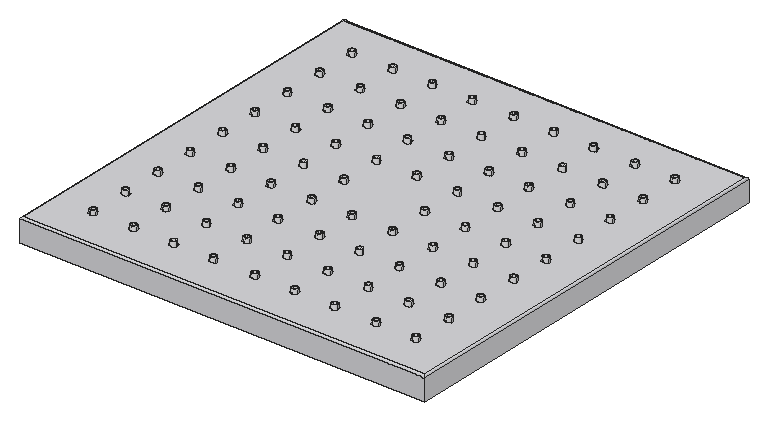
Revit family "Shower-Showerhead-KOHLER-Katalyst_Air-K-18360A", category Plumbing Fixtures, host Face, Revit 2017 (continued)
Definition of nested family "K-18360A"
  Lines and regions (in)
    symbolic lines, detail levels medium+fine
      curve 269: arc (2.33686, 3.19747, 0) -> (2.39591, 3.13841, 0) -> (2.45497, 3.19747, 0) r 0.05906
      curve 270: arc (2.32032, 3.19747, 0) -> (2.39591, 3.12188, 0) -> (2.4715, 3.19747, 0) r 0.07559
      curve 271: arc (1.5315, 3.19747, 0) -> (1.5748, 3.24078, 0) -> (1.61811, 3.19747, 0) r 0.04331
      curve 272: arc (1.61811, 3.19747, 0) -> (1.5748, 3.15416, 0) -> (1.5315, 3.19747, 0) r 0.04331
      curve 273: arc (0.7431, 0.80024, 0) -> (0.80215, 0.74118, 0) -> (0.86121, 0.80024, 0) r 0.05906
      curve 274: arc (-3.12125, -3.19747, 0) -> (-3.19684, -3.27306, 0) -> (-3.27243, -3.19747, 0) r 0.07559
      curve 275: arc (-3.13779, -3.19747, 0) -> (-3.19684, -3.25652, 0) -> (-3.2559, -3.19747, 0) r 0.05906
      curve 276: arc (-3.24015, -3.19747, 0) -> (-3.19684, -3.24078, 0) -> (-3.15353, -3.19747, 0) r 0.04331
      curve 277: arc (-3.27243, -3.19747, 0) -> (-3.19684, -3.12188, 0) -> (-3.12125, -3.19747, 0) r 0.07559
      curve 278: arc (-3.2559, -3.19747, 0) -> (-3.19684, -3.13841, 0) -> (-3.13779, -3.19747, 0) r 0.05906
      curve 279: arc (-3.15353, -3.19747, 0) -> (-3.19684, -3.15416, 0) -> (-3.24015, -3.19747, 0) r 0.04331
      curve 280: arc (-3.12125, -2.39839, 0) -> (-3.19684, -2.47398, 0) -> (-3.27243, -2.39839, 0) r 0.07559
      curve 281: arc (-3.13779, -2.39839, 0) -> (-3.19684, -2.45745, 0) -> (-3.2559, -2.39839, 0) r 0.05906
      curve 282: arc (-3.24015, -2.39839, 0) -> (-3.19684, -2.4417, 0) -> (-3.15353, -2.39839, 0) r 0.04331
      curve 283: arc (-3.15353, -2.39839, 0) -> (-3.19684, -2.35509, 0) -> (-3.24015, -2.39839, 0) r 0.04331
      curve 284: arc (-3.2559, -2.39839, 0) -> (-3.19684, -2.33934, 0) -> (-3.13779, -2.39839, 0) r 0.05906
      curve 285: arc (-3.27243, -2.39839, 0) -> (-3.19684, -2.3228, 0) -> (-3.12125, -2.39839, 0) r 0.07559
      curve 286: arc (-3.12125, -1.59932, 0) -> (-3.19684, -1.67491, 0) -> (-3.27243, -1.59932, 0) r 0.07559
      curve 287: arc (-3.13779, -1.59932, 0) -> (-3.19684, -1.65837, 0) -> (-3.2559, -1.59932, 0) r 0.05906
      curve 288: arc (-3.24015, -1.59932, 0) -> (-3.19684, -1.64262, 0) -> (-3.15353, -1.59932, 0) r 0.04331
      curve 289: arc (-3.15353, -1.59932, 0) -> (-3.19684, -1.55601, 0) -> (-3.24015, -1.59932, 0) r 0.04331
      curve 290: arc (-3.2559, -1.59932, 0) -> (-3.19684, -1.54026, 0) -> (-3.13779, -1.59932, 0) r 0.05906
      curve 291: arc (-3.27243, -1.59932, 0) -> (-3.19684, -1.52373, 0) -> (-3.12125, -1.59932, 0) r 0.07559
      curve 292: arc (-2.43945, -0.80024, 0) -> (-2.39615, -0.84355, 0) -> (-2.35284, -0.80024, 0) r 0.04331
      curve 293: arc (-2.33709, -0.80024, 0) -> (-2.39615, -0.8593, 0) -> (-2.4552, -0.80024, 0) r 0.05906
      curve 294: arc (-2.32056, -0.80024, 0) -> (-2.39615, -0.87583, 0) -> (-2.47174, -0.80024, 0) r 0.07559
      curve 295: arc (-2.35284, -0.80024, 0) -> (-2.39615, -0.75693, 0) -> (-2.43945, -0.80024, 0) r 0.04331
      curve 296: arc (-2.4552, -0.80024, 0) -> (-2.39615, -0.74118, 0) -> (-2.33709, -0.80024, 0) r 0.05906
      curve 297: arc (-2.47174, -0.80024, 0) -> (-2.39615, -0.72465, 0) -> (-2.32056, -0.80024, 0) r 0.07559
      curve 298: arc (-2.35284, -1.59932, 0) -> (-2.39615, -1.55601, 0) -> (-2.43945, -1.59932, 0) r 0.04331
      curve 299: arc (-2.4552, -1.59932, 0) -> (-2.39615, -1.54026, 0) -> (-2.33709, -1.59932, 0) r 0.05906
      curve 300: arc (-2.47174, -1.59932, 0) -> (-2.39615, -1.52373, 0) -> (-2.32056, -1.59932, 0) r 0.07559
      curve 301: arc (-2.43945, -1.59932, 0) -> (-2.39615, -1.64262, 0) -> (-2.35284, -1.59932, 0) r 0.04331
      curve 302: arc (-2.33709, -1.59932, 0) -> (-2.39615, -1.65837, 0) -> (-2.4552, -1.59932, 0) r 0.05906
      curve 303: arc (-2.32056, -1.59932, 0) -> (-2.39615, -1.67491, 0) -> (-2.47174, -1.59932, 0) r 0.07559
      curve 304: arc (-2.43945, -2.39839, 0) -> (-2.39615, -2.4417, 0) -> (-2.35284, -2.39839, 0) r 0.04331
      curve 305: arc (-2.33709, -2.39839, 0) -> (-2.39615, -2.45745, 0) -> (-2.4552, -2.39839, 0) r 0.05906
      curve 306: arc (-2.32056, -2.39839, 0) -> (-2.39615, -2.47398, 0) -> (-2.47174, -2.39839, 0) r 0.07559
      curve 307: arc (-2.35284, -2.39839, 0) -> (-2.39615, -2.35509, 0) -> (-2.43945, -2.39839, 0) r 0.04331
      curve 308: arc (-2.4552, -2.39839, 0) -> (-2.39615, -2.33934, 0) -> (-2.33709, -2.39839, 0) r 0.05906
      curve 309: arc (-2.47174, -2.39839, 0) -> (-2.39615, -2.3228, 0) -> (-2.32056, -2.39839, 0) r 0.07559
      curve 310: arc (-2.35284, -3.19747, 0) -> (-2.39615, -3.15416, 0) -> (-2.43945, -3.19747, 0) r 0.04331
      curve 311: arc (-2.4552, -3.19747, 0) -> (-2.39615, -3.13841, 0) -> (-2.33709, -3.19747, 0) r 0.05906
      curve 312: arc (-2.47174, -3.19747, 0) -> (-2.39615, -3.12188, 0) -> (-2.32056, -3.19747, 0) r 0.07559
      curve 313: arc (-2.43945, -3.19747, 0) -> (-2.39615, -3.24078, 0) -> (-2.35284, -3.19747, 0) r 0.04331
      curve 314: arc (-2.33709, -3.19747, 0) -> (-2.39615, -3.25652, 0) -> (-2.4552, -3.19747, 0) r 0.05906
      curve 315: arc (-2.32056, -3.19747, 0) -> (-2.39615, -3.27306, 0) -> (-2.47174, -3.19747, 0) r 0.07559
      curve 316: arc (-1.56544, -3.19747, 0) -> (-1.60875, -3.15416, 0) -> (-1.65205, -3.19747, 0) r 0.04331
      curve 317: arc (-1.65205, -3.19747, 0) -> (-1.60875, -3.24078, 0) -> (-1.56544, -3.19747, 0) r 0.04331
      curve 318: arc (-1.54969, -3.19747, 0) -> (-1.60875, -3.25652, 0) -> (-1.6678, -3.19747, 0) r 0.05906
      curve 319: arc (-1.53316, -3.19747, 0) -> (-1.60875, -3.27306, 0) -> (-1.68434, -3.19747, 0) r 0.07559
      curve 320: arc (-1.6678, -3.19747, 0) -> (-1.60875, -3.13841, 0) -> (-1.54969, -3.19747, 0) r 0.05906
      curve 321: arc (-1.68434, -3.19747, 0) -> (-1.60875, -3.12188, 0) -> (-1.53316, -3.19747, 0) r 0.07559
      curve 322: arc (-0.86465, -3.19747, 0) -> (-0.82134, -3.24078, 0) -> (-0.77804, -3.19747, 0) r 0.04331
      curve 323: arc (-0.76229, -3.19747, 0) -> (-0.82134, -3.25652, 0) -> (-0.8804, -3.19747, 0) r 0.05906
      curve 324: arc (-0.74575, -3.19747, 0) -> (-0.82134, -3.27306, 0) -> (-0.89693, -3.19747, 0) r 0.07559
      curve 325: arc (-0.89693, -3.19747, 0) -> (-0.82134, -3.12188, 0) -> (-0.74575, -3.19747, 0) r 0.07559
      curve 326: arc (-0.8804, -3.19747, 0) -> (-0.82134, -3.13841, 0) -> (-0.76229, -3.19747, 0) r 0.05906
      curve 327: arc (-0.77804, -3.19747, 0) -> (-0.82134, -3.15416, 0) -> (-0.86465, -3.19747, 0) r 0.04331
      curve 328: arc (-0.75313, -2.39839, 0) -> (-0.79644, -2.35509, 0) -> (-0.83975, -2.39839, 0) r 0.04331
      curve 329: arc (-0.83975, -2.39839, 0) -> (-0.79644, -2.4417, 0) -> (-0.75313, -2.39839, 0) r 0.04331
      curve 330: arc (-0.73738, -2.39839, 0) -> (-0.79644, -2.45745, 0) -> (-0.85549, -2.39839, 0) r 0.05906
      curve 331: arc (-0.72085, -2.39839, 0) -> (-0.79644, -2.47398, 0) -> (-0.87203, -2.39839, 0) r 0.07559
      curve 332: arc (-0.87203, -2.39839, 0) -> (-0.79644, -2.3228, 0) -> (-0.72085, -2.39839, 0) r 0.07559
      curve 333: arc (-0.75313, -2.39839, 0) -> (-0.79644, -2.35509, 0) -> (-0.83975, -2.39839, 0) r 0.04331
      curve 334: arc (-0.85549, -2.39839, 0) -> (-0.79644, -2.33934, 0) -> (-0.73738, -2.39839, 0) r 0.05906
      curve 335: arc (-1.64001, -2.39839, 0) -> (-1.5967, -2.4417, 0) -> (-1.55339, -2.39839, 0) r 0.04331
      curve 336: arc (-1.53764, -2.39839, 0) -> (-1.5967, -2.45745, 0) -> (-1.65575, -2.39839, 0) r 0.05906
      curve 337: arc (-1.52111, -2.39839, 0) -> (-1.5967, -2.47398, 0) -> (-1.67229, -2.39839, 0) r 0.07559
      curve 338: arc (-1.55339, -2.39839, 0) -> (-1.5967, -2.35509, 0) -> (-1.64001, -2.39839, 0) r 0.04331
      curve 339: arc (-1.65575, -2.39839, 0) -> (-1.5967, -2.33934, 0) -> (-1.53764, -2.39839, 0) r 0.05906
      curve 340: arc (-1.67229, -2.39839, 0) -> (-1.5967, -2.3228, 0) -> (-1.52111, -2.39839, 0) r 0.07559
      curve 341: arc (-0.77804, -1.59932, 0) -> (-0.82134, -1.55601, 0) -> (-0.86465, -1.59932, 0) r 0.04331
      curve 342: arc (-0.8804, -1.59932, 0) -> (-0.82134, -1.54026, 0) -> (-0.76229, -1.59932, 0) r 0.05906
      curve 343: arc (-0.89693, -1.59932, 0) -> (-0.82134, -1.52373, 0) -> (-0.74575, -1.59932, 0) r 0.07559
      curve 344: arc (-0.86465, -1.59932, 0) -> (-0.82134, -1.64262, 0) -> (-0.77804, -1.59932, 0) r 0.04331
      curve 345: arc (-0.76229, -1.59932, 0) -> (-0.82134, -1.65837, 0) -> (-0.8804, -1.59932, 0) r 0.05906
      curve 346: arc (-0.74575, -1.59932, 0) -> (-0.82134, -1.67491, 0) -> (-0.89693, -1.59932, 0) r 0.07559
      curve 347: arc (-1.53316, -1.59932, 0) -> (-1.60875, -1.67491, 0) -> (-1.68434, -1.59932, 0) r 0.07559
      curve 348: arc (-1.54969, -1.59932, 0) -> (-1.60875, -1.65837, 0) -> (-1.6678, -1.59932, 0) r 0.05906
      curve 349: arc (-1.65205, -1.59932, 0) -> (-1.60875, -1.64262, 0) -> (-1.56544, -1.59932, 0) r 0.04331
      curve 350: arc (-1.56544, -1.59932, 0) -> (-1.60875, -1.55601, 0) -> (-1.65205, -1.59932, 0) r 0.04331
      curve 351: arc (-1.6678, -1.59932, 0) -> (-1.60875, -1.54026, 0) -> (-1.54969, -1.59932, 0) r 0.05906
      curve 352: arc (-1.68434, -1.59932, 0) -> (-1.60875, -1.52373, 0) -> (-1.53316, -1.59932, 0) r 0.07559
      curve 353: arc (-3.12125, -0.80024, 0) -> (-3.19684, -0.87583, 0) -> (-3.27243, -0.80024, 0) r 0.07559
      curve 354: arc (-3.13779, -0.80024, 0) -> (-3.19684, -0.8593, 0) -> (-3.2559, -0.80024, 0) r 0.05906
      curve 355: arc (-3.24015, -0.80024, 0) -> (-3.19684, -0.84355, 0) -> (-3.15353, -0.80024, 0) r 0.04331
      curve 356: arc (-3.15353, -0.80024, 0) -> (-3.19684, -0.75693, 0) -> (-3.24015, -0.80024, 0) r 0.04331
      curve 357: arc (-3.2559, -0.80024, 0) -> (-3.19684, -0.74118, 0) -> (-3.13779, -0.80024, 0) r 0.05906
      curve 358: arc (-3.27243, -0.80024, 0) -> (-3.19684, -0.72465, 0) -> (-3.12125, -0.80024, 0) r 0.07559
      curve 359: arc (-1.52111, -0.80024, 0) -> (-1.5967, -0.87583, 0) -> (-1.67229, -0.80024, 0) r 0.07559
      curve 360: arc (-1.53963, -0.80024, 0) -> (-1.59869, -0.8593, 0) -> (-1.65774, -0.80024, 0) r 0.05906
      curve 361: arc (-1.65774, -0.80024, 0) -> (-1.59869, -0.8593, 0) -> (-1.53963, -0.80024, 0) r 0.05906
      curve 362: arc (-1.53963, -0.80024, 0) -> (-1.59869, -0.74118, 0) -> (-1.65774, -0.80024, 0) r 0.05906
      curve 363: arc (-1.65774, -0.80024, 0) -> (-1.59869, -0.74118, 0) -> (-1.53963, -0.80024, 0) r 0.05906
      curve 364: arc (-1.67229, -0.80024, 0) -> (-1.5967, -0.72465, 0) -> (-1.52111, -0.80024, 0) r 0.07559
      curve 365: arc (-0.83975, -0.80024, 0) -> (-0.79644, -0.84355, 0) -> (-0.75313, -0.80024, 0) r 0.04331
      curve 366: arc (-0.73738, -0.80024, 0) -> (-0.79644, -0.8593, 0) -> (-0.85549, -0.80024, 0) r 0.05906
      curve 367: arc (-0.72085, -0.80024, 0) -> (-0.79644, -0.87583, 0) -> (-0.87203, -0.80024, 0) r 0.07559
      curve 368: arc (-0.75313, -0.80024, 0) -> (-0.79644, -0.75693, 0) -> (-0.83975, -0.80024, 0) r 0.04331
      curve 369: arc (-0.85549, -0.80024, 0) -> (-0.79644, -0.74118, 0) -> (-0.73738, -0.80024, 0) r 0.05906
      curve 370: arc (-0.87203, -0.80024, 0) -> (-0.79644, -0.72465, 0) -> (-0.72085, -0.80024, 0) r 0.07559
      curve 371: arc (-1.64199, -0.80024, 0) -> (-1.59869, -0.84355, 0) -> (-1.55538, -0.80024, 0) r 0.04331
      curve 372: arc (-1.55538, -0.80024, 0) -> (-1.59869, -0.75693, 0) -> (-1.64199, -0.80024, 0) r 0.04331
      curve 373: arc (0.07559, -3.19747, 0) -> (0, -3.27306, 0) -> (-0.07559, -3.19747, 0) r 0.07559
      curve 374: arc (0.05906, -3.19747, 0) -> (0, -3.25652, 0) -> (-0.05906, -3.19747, 0) r 0.05906
      curve 375: arc (-0.04331, -3.19747, 0) -> (0, -3.24078, 0) -> (0.04331, -3.19747, 0) r 0.04331
      curve 376: arc (0.04331, -3.19747, 0) -> (0, -3.15416, 0) -> (-0.04331, -3.19747, 0) r 0.04331
      curve 377: arc (-0.05906, -3.19747, 0) -> (0, -3.13841, 0) -> (0.05906, -3.19747, 0) r 0.05906
      curve 378: arc (-0.07559, -3.19747, 0) -> (0, -3.12188, 0) -> (0.07559, -3.19747, 0) r 0.07559
      curve 379: arc (-0.04331, -2.39839, 0) -> (0, -2.4417, 0) -> (0.04331, -2.39839, 0) r 0.04331
      curve 380: arc (0.05906, -2.39839, 0) -> (0, -2.45745, 0) -> (-0.05906, -2.39839, 0) r 0.05906
      curve 381: arc (0.07559, -2.39839, 0) -> (0, -2.47398, 0) -> (-0.07559, -2.39839, 0) r 0.07559
      curve 382: arc (0.04331, -2.39839, 0) -> (0, -2.35509, 0) -> (-0.04331, -2.39839, 0) r 0.04331
      curve 383: arc (-0.05906, -2.39839, 0) -> (0, -2.33934, 0) -> (0.05906, -2.39839, 0) r 0.05906
      curve 384: arc (-0.07559, -2.39839, 0) -> (0, -2.3228, 0) -> (0.07559, -2.39839, 0) r 0.07559
      curve 385: arc (-0.04331, -1.59932, 0) -> (0, -1.64262, 0) -> (0.04331, -1.59932, 0) r 0.04331
      curve 386: arc (0.05906, -1.59932, 0) -> (0, -1.65837, 0) -> (-0.05906, -1.59932, 0) r 0.05906
      curve 387: arc (0.07559, -1.59932, 0) -> (0, -1.67491, 0) -> (-0.07559, -1.59932, 0) r 0.07559
      curve 388: arc (0.04331, -1.59932, 0) -> (0, -1.55601, 0) -> (-0.04331, -1.59932, 0) r 0.04331
      curve 389: arc (-0.05906, -1.59932, 0) -> (0, -1.54026, 0) -> (0.05906, -1.59932, 0) r 0.05906
      curve 390: arc (-0.07559, -1.59932, 0) -> (0, -1.52373, 0) -> (0.07559, -1.59932, 0) r 0.07559
      curve 391: arc (-0.04331, -0.80024, 0) -> (0, -0.84355, 0) -> (0.04331, -0.80024, 0) r 0.04331
      curve 392: arc (0.05906, -0.80024, 0) -> (0, -0.8593, 0) -> (-0.05906, -0.80024, 0) r 0.05906
      curve 393: arc (0.07559, -0.80024, 0) -> (0, -0.87583, 0) -> (-0.07559, -0.80024, 0) r 0.07559
      curve 394: arc (0.04331, -0.80024, 0) -> (0, -0.75693, 0) -> (-0.04331, -0.80024, 0) r 0.04331
      curve 395: arc (-0.05906, -0.80024, 0) -> (0, -0.74118, 0) -> (0.05906, -0.80024, 0) r 0.05906
      curve 396: arc (-0.07559, -0.80024, 0) -> (0, -0.72465, 0) -> (0.07559, -0.80024, 0) r 0.07559
      curve 397: arc (0.74409, -3.19747, 0) -> (0.7874, -3.24078, 0) -> (0.83071, -3.19747, 0) r 0.04331
      curve 398: arc (0.84646, -3.19747, 0) -> (0.7874, -3.25652, 0) -> (0.72835, -3.19747, 0) r 0.05906
      curve 399: arc (0.86299, -3.19747, 0) -> (0.7874, -3.27306, 0) -> (0.71181, -3.19747, 0) r 0.07559
      curve 400: arc (0.83071, -3.19747, 0) -> (0.7874, -3.15416, 0) -> (0.74409, -3.19747, 0) r 0.04331
      curve 401: arc (0.72835, -3.19747, 0) -> (0.7874, -3.13841, 0) -> (0.84646, -3.19747, 0) r 0.05906
      curve 402: arc (0.71181, -3.19747, 0) -> (0.7874, -3.12188, 0) -> (0.86299, -3.19747, 0) r 0.07559
      curve 403: arc (1.51575, -3.19747, 0) -> (1.5748, -3.25652, 0) -> (1.63386, -3.19747, 0) r 0.05906
      curve 404: arc (1.63386, -3.19747, 0) -> (1.5748, -3.25652, 0) -> (1.51575, -3.19747, 0) r 0.05906
      curve 405: arc (1.65039, -3.19747, 0) -> (1.5748, -3.27306, 0) -> (1.49921, -3.19747, 0) r 0.07559
      curve 406: arc (1.63386, -3.19747, 0) -> (1.5748, -3.13841, 0) -> (1.51575, -3.19747, 0) r 0.05906
      curve 407: arc (1.51575, -3.19747, 0) -> (1.5748, -3.13841, 0) -> (1.63386, -3.19747, 0) r 0.05906
      curve 408: arc (1.49921, -3.19747, 0) -> (1.5748, -3.12188, 0) -> (1.65039, -3.19747, 0) r 0.07559
      curve 409: arc (0.75884, -2.39839, 0) -> (0.80215, -2.4417, 0) -> (0.84546, -2.39839, 0) r 0.04331
      curve 410: arc (0.86121, -2.39839, 0) -> (0.80215, -2.45745, 0) -> (0.7431, -2.39839, 0) r 0.05906
      curve 411: arc (0.87774, -2.39839, 0) -> (0.80215, -2.47398, 0) -> (0.72656, -2.39839, 0) r 0.07559
      curve 412: arc (0.84546, -2.39839, 0) -> (0.80215, -2.35509, 0) -> (0.75884, -2.39839, 0) r 0.04331
      curve 413: arc (0.7431, -2.39839, 0) -> (0.80215, -2.33934, 0) -> (0.86121, -2.39839, 0) r 0.05906
      curve 414: arc (0.72656, -2.39839, 0) -> (0.80215, -2.3228, 0) -> (0.87774, -2.39839, 0) r 0.07559
      curve 415: arc (1.55692, -2.39839, 0) -> (1.60022, -2.4417, 0) -> (1.64353, -2.39839, 0) r 0.04331
      curve 416: arc (1.65928, -2.39839, 0) -> (1.60022, -2.45745, 0) -> (1.54117, -2.39839, 0) r 0.05906
      curve 417: arc (1.67581, -2.39839, 0) -> (1.60022, -2.47398, 0) -> (1.52463, -2.39839, 0) r 0.07559
      curve 418: arc (1.52463, -2.39839, 0) -> (1.60022, -2.3228, 0) -> (1.67581, -2.39839, 0) r 0.07559
      curve 419: arc (1.54117, -2.39839, 0) -> (1.60022, -2.33934, 0) -> (1.65928, -2.39839, 0) r 0.05906
      curve 420: arc (1.64353, -2.39839, 0) -> (1.60022, -2.35509, 0) -> (1.55692, -2.39839, 0) r 0.04331
      curve 421: arc (1.54117, -2.39839, 0) -> (1.60022, -2.33934, 0) -> (1.65928, -2.39839, 0) r 0.05906
      curve 422: arc (0.74409, -1.59932, 0) -> (0.7874, -1.64262, 0) -> (0.83071, -1.59932, 0) r 0.04331
      curve 423: arc (0.84646, -1.59932, 0) -> (0.7874, -1.65837, 0) -> (0.72835, -1.59932, 0) r 0.05906
      curve 424: arc (0.86299, -1.59932, 0) -> (0.7874, -1.67491, 0) -> (0.71181, -1.59932, 0) r 0.07559
      curve 425: arc (1.5315, -1.59932, 0) -> (1.5748, -1.64262, 0) -> (1.61811, -1.59932, 0) r 0.04331
      curve 426: arc (1.63386, -1.59932, 0) -> (1.5748, -1.65837, 0) -> (1.51575, -1.59932, 0) r 0.05906
      curve 427: arc (1.65039, -1.59932, 0) -> (1.5748, -1.67491, 0) -> (1.49921, -1.59932, 0) r 0.07559
      curve 428: arc (1.49921, -1.59932, 0) -> (1.5748, -1.52373, 0) -> (1.65039, -1.59932, 0) r 0.07559
      curve 429: arc (1.61811, -1.59932, 0) -> (1.5748, -1.55601, 0) -> (1.5315, -1.59932, 0) r 0.04331
      curve 430: arc (1.51575, -1.59932, 0) -> (1.5748, -1.54026, 0) -> (1.63386, -1.59932, 0) r 0.05906
      curve 431: arc (0.83071, -1.59932, 0) -> (0.7874, -1.55601, 0) -> (0.74409, -1.59932, 0) r 0.04331
      curve 432: arc (0.72835, -1.59932, 0) -> (0.7874, -1.54026, 0) -> (0.84646, -1.59932, 0) r 0.05906
      curve 433: arc (0.71181, -1.59932, 0) -> (0.7874, -1.52373, 0) -> (0.86299, -1.59932, 0) r 0.07559
      curve 434: arc (0.86299, -1.59932, 0) -> (0.7874, -1.67491, 0) -> (0.71181, -1.59932, 0) r 0.07559
      curve 435: arc (0.84546, -0.80024, 0) -> (0.80215, -0.75693, 0) -> (0.75884, -0.80024, 0) r 0.04331
      curve 436: arc (0.75884, -0.80024, 0) -> (0.80215, -0.84355, 0) -> (0.84546, -0.80024, 0) r 0.04331
      curve 437: arc (0.86121, -0.80024, 0) -> (0.80215, -0.8593, 0) -> (0.7431, -0.80024, 0) r 0.05906
      curve 438: arc (0.87774, -0.80024, 0) -> (0.80215, -0.87583, 0) -> (0.72656, -0.80024, 0) r 0.07559
      curve 439: arc (0.72656, -0.80024, 0) -> (0.80215, -0.72465, 0) -> (0.87774, -0.80024, 0) r 0.07559
      curve 440: arc (1.55692, -0.80024, 0) -> (1.60022, -0.84355, 0) -> (1.64353, -0.80024, 0) r 0.04331
      curve 441: arc (1.65928, -0.80024, 0) -> (1.60022, -0.8593, 0) -> (1.54117, -0.80024, 0) r 0.05906
      curve 442: arc (1.67581, -0.80024, 0) -> (1.60022, -0.87583, 0) -> (1.52463, -0.80024, 0) r 0.07559
      curve 443: arc (1.52463, -0.80024, 0) -> (1.60022, -0.72465, 0) -> (1.67581, -0.80024, 0) r 0.07559
      curve 444: arc (1.54117, -0.80024, 0) -> (1.60022, -0.74118, 0) -> (1.65928, -0.80024, 0) r 0.05906
      curve 445: arc (1.64353, -0.80024, 0) -> (1.60022, -0.75693, 0) -> (1.55692, -0.80024, 0) r 0.04331
      curve 446: arc (3.23776, -0.80024, 0) -> (3.19446, -0.75693, 0) -> (3.15115, -0.80024, 0) r 0.04331
      curve 447: arc (3.1354, -0.80024, 0) -> (3.19446, -0.74118, 0) -> (3.25351, -0.80024, 0) r 0.05906
      curve 448: arc (3.11887, -0.80024, 0) -> (3.19446, -0.72465, 0) -> (3.27005, -0.80024, 0) r 0.07559
      curve 449: arc (3.15115, -0.80024, 0) -> (3.19446, -0.84355, 0) -> (3.23776, -0.80024, 0) r 0.04331
      curve 450: arc (3.25351, -0.80024, 0) -> (3.19446, -0.8593, 0) -> (3.1354, -0.80024, 0) r 0.05906
      curve 451: arc (3.27005, -0.80024, 0) -> (3.19446, -0.87583, 0) -> (3.11887, -0.80024, 0) r 0.07559
      curve 452: arc (2.4723, -0.80024, 0) -> (2.39671, -0.87583, 0) -> (2.32112, -0.80024, 0) r 0.07559
      curve 453: arc (2.45576, -0.80024, 0) -> (2.39671, -0.8593, 0) -> (2.33765, -0.80024, 0) r 0.05906
      curve 454: arc (2.3534, -0.80024, 0) -> (2.39671, -0.84355, 0) -> (2.44001, -0.80024, 0) r 0.04331
      curve 455: arc (2.44001, -0.80024, 0) -> (2.39671, -0.75693, 0) -> (2.3534, -0.80024, 0) r 0.04331
      curve 456: arc (2.33765, -0.80024, 0) -> (2.39671, -0.74118, 0) -> (2.45576, -0.80024, 0) r 0.05906
      curve 457: arc (2.32112, -0.80024, 0) -> (2.39671, -0.72465, 0) -> (2.4723, -0.80024, 0) r 0.07559
      curve 458: arc (2.43922, -1.59932, 0) -> (2.39591, -1.55601, 0) -> (2.35261, -1.59932, 0) r 0.04331
      curve 459: arc (2.35261, -1.59932, 0) -> (2.39591, -1.64262, 0) -> (2.43922, -1.59932, 0) r 0.04331
      curve 460: arc (2.45497, -1.59932, 0) -> (2.39591, -1.65837, 0) -> (2.33686, -1.59932, 0) r 0.05906
      curve 461: arc (2.4715, -1.59932, 0) -> (2.39591, -1.67491, 0) -> (2.32032, -1.59932, 0) r 0.07559
      curve 462: arc (2.43922, -1.59932, 0) -> (2.39591, -1.55601, 0) -> (2.35261, -1.59932, 0) r 0.04331
      curve 463: arc (2.33686, -1.59932, 0) -> (2.39591, -1.54026, 0) -> (2.45497, -1.59932, 0) r 0.05906
      curve 464: arc (2.32032, -1.59932, 0) -> (2.39591, -1.52373, 0) -> (2.4715, -1.59932, 0) r 0.07559
      curve 465: arc (3.22662, -1.59932, 0) -> (3.18332, -1.55601, 0) -> (3.14001, -1.59932, 0) r 0.04331
      curve 466: arc (3.14001, -1.59932, 0) -> (3.18332, -1.64262, 0) -> (3.22662, -1.59932, 0) r 0.04331
      curve 467: arc (3.24237, -1.59932, 0) -> (3.18332, -1.65837, 0) -> (3.12426, -1.59932, 0) r 0.05906
      curve 468: arc (3.12426, -1.59932, 0) -> (3.18332, -1.54026, 0) -> (3.24237, -1.59932, 0) r 0.05906
      curve 469: arc (3.25891, -1.59932, 0) -> (3.18332, -1.67491, 0) -> (3.10772, -1.59932, 0) r 0.07559
      curve 470: arc (3.10772, -1.59932, 0) -> (3.18332, -1.52373, 0) -> (3.25891, -1.59932, 0) r 0.07559
      curve 471: arc (2.4723, -0.80024, 0) -> (2.39671, -0.87583, 0) -> (2.32112, -0.80024, 0) r 0.07559
      curve 472: arc (2.4723, -2.39839, 0) -> (2.39671, -2.47398, 0) -> (2.32112, -2.39839, 0) r 0.07559
      curve 473: arc (2.45576, -2.39839, 0) -> (2.39671, -2.45745, 0) -> (2.33765, -2.39839, 0) r 0.05906
      curve 474: arc (2.3534, -2.39839, 0) -> (2.39671, -2.4417, 0) -> (2.44001, -2.39839, 0) r 0.04331
      curve 475: arc (2.44001, -2.39839, 0) -> (2.39671, -2.35509, 0) -> (2.3534, -2.39839, 0) r 0.04331
      curve 476: arc (2.33765, -2.39839, 0) -> (2.39671, -2.33934, 0) -> (2.45576, -2.39839, 0) r 0.05906
      curve 477: arc (2.32112, -2.39839, 0) -> (2.39671, -2.3228, 0) -> (2.4723, -2.39839, 0) r 0.07559
      curve 478: arc (3.15115, -2.39839, 0) -> (3.19446, -2.4417, 0) -> (3.23776, -2.39839, 0) r 0.04331
      curve 479: arc (3.25351, -2.39839, 0) -> (3.19446, -2.45745, 0) -> (3.1354, -2.39839, 0) r 0.05906
      curve 480: arc (3.27005, -2.39839, 0) -> (3.19446, -2.47398, 0) -> (3.11887, -2.39839, 0) r 0.07559
      curve 481: arc (3.23776, -2.39839, 0) -> (3.19446, -2.35509, 0) -> (3.15115, -2.39839, 0) r 0.04331
      curve 482: arc (3.1354, -2.39839, 0) -> (3.19446, -2.33934, 0) -> (3.25351, -2.39839, 0) r 0.05906
      curve 483: arc (3.11887, -2.39839, 0) -> (3.19446, -2.3228, 0) -> (3.27005, -2.39839, 0) r 0.07559
      curve 484: arc (3.14001, -3.19747, 0) -> (3.18332, -3.24078, 0) -> (3.22662, -3.19747, 0) r 0.04331
      curve 485: arc (3.24237, -3.19747, 0) -> (3.18332, -3.25652, 0) -> (3.12426, -3.19747, 0) r 0.05906
      curve 486: arc (3.25891, -3.19747, 0) -> (3.18332, -3.27306, 0) -> (3.10772, -3.19747, 0) r 0.07559
      curve 487: arc (3.22662, -3.19747, 0) -> (3.18332, -3.15416, 0) -> (3.14001, -3.19747, 0) r 0.04331
      curve 488: arc (3.12426, -3.19747, 0) -> (3.18332, -3.13841, 0) -> (3.24237, -3.19747, 0) r 0.05906
      curve 489: arc (3.10772, -3.19747, 0) -> (3.18332, -3.12188, 0) -> (3.25891, -3.19747, 0) r 0.07559
      curve 490: arc (2.35261, -3.19747, 0) -> (2.39591, -3.24078, 0) -> (2.43922, -3.19747, 0) r 0.04331
      curve 491: arc (2.45497, -3.19747, 0) -> (2.39591, -3.25652, 0) -> (2.33686, -3.19747, 0) r 0.05906
      curve 492: arc (2.4715, -3.19747, 0) -> (2.39591, -3.27306, 0) -> (2.32032, -3.19747, 0) r 0.07559
      curve 493: arc (2.43922, -3.19747, 0) -> (2.39591, -3.15416, 0) -> (2.35261, -3.19747, 0) r 0.04331
      curve 494: arc (2.33686, -3.19747, 0) -> (2.39591, -3.13841, 0) -> (2.45497, -3.19747, 0) r 0.05906
      curve 495: arc (2.32032, -3.19747, 0) -> (2.39591, -3.12188, 0) -> (2.4715, -3.19747, 0) r 0.07559
      curve 496: arc (1.5315, -3.19747, 0) -> (1.5748, -3.24078, 0) -> (1.61811, -3.19747, 0) r 0.04331
      curve 497: arc (1.61811, -3.19747, 0) -> (1.5748, -3.15416, 0) -> (1.5315, -3.19747, 0) r 0.04331
      curve 498: arc (0.7431, -0.80024, 0) -> (0.80215, -0.74118, 0) -> (0.86121, -0.80024, 0) r 0.05906
      curve 499: line (-0.44472, 0, 0.99235) -> (0.44472, 0, 0.99235)
      curve 500: line (-0.33446, 0, 0.87037) -> (0.33446, 0, 0.87037)
      curve 501: line (-0.35048, 0, 0.75236) -> (0.35048, 0, 0.75236)
      curve 502: line (-0.49522, 0, 0.53826) -> (-0.19745, 0, 0.53826)
      curve 503: line (0.49522, 0, 0.53826) -> (0.19745, 0, 0.53826)
      curve 504: line (-0.49522, 0, 0.02066) -> (0.49522, 0, 0.02066)
      curve 505: line (-0.19745, 0, 0.53826) -> (0.19745, 0, 0.53826)
      curve 506: line (-0.19745, 0, 0.18195) -> (-0.19745, 0, 0.53826)
      curve 507: line (0.19745, 0, 0.53826) -> (0.19745, 0, 0.18201)
      curve 508: spline (0.17017, 0, 0.15551) -> (0.14358, 0, 0.14645) -> (0.11603, 0, 0.13894) -> (0.08771, 0, 0.13306) -> (0.05881, 0, 0.12882) -> (0.02951, 0, 0.12627) -> (0.00002, 0, 0.12542) -> (-0.02947, 0, 0.12627) -> (-0.05877, 0, 0.12882) -> (-0.08767, 0, 0.13305) -> (-0.11599, 0, 0.13894) -> (-0.14354, 0, 0.14643) -> (-0.17013, 0, 0.1555)
      curve 509: spline (0.19745, 0, 0.18201) -> (0.19636, 0, 0.17876) -> (0.19501, 0, 0.17562) -> (0.19341, 0, 0.17263) -> (0.19156, 0, 0.1698) -> (0.18949, 0, 0.16716) -> (0.1872, 0, 0.16473) -> (0.18472, 0, 0.16253) -> (0.18207, 0, 0.16058) -> (0.17926, 0, 0.15889) -> (0.17633, 0, 0.15747) -> (0.17329, 0, 0.15634) -> (0.17017, 0, 0.15551)
      curve 510: spline (-0.17013, 0, 0.1555) -> (-0.17329, 0, 0.15633) -> (-0.17637, 0, 0.15745) -> (-0.17933, 0, 0.15887) -> (-0.18215, 0, 0.16056) -> (-0.18482, 0, 0.16251) -> (-0.1873, 0, 0.1647) -> (-0.18959, 0, 0.16713) -> (-0.19166, 0, 0.16976) -> (-0.19349, 0, 0.17258) -> (-0.19507, 0, 0.17557) -> (-0.1964, 0, 0.1787) -> (-0.19745, 0, 0.18195)
      curve 511: line (0.20819, 0, 1.46487) -> (-0.20819, 0, 1.46487)
      curve 512: line (-0.20819, 0, 0.99235) -> (-0.20819, 0, 1.46487)
      curve 513: line (0.20819, 0, 1.46487) -> (0.20819, 0, 0.99235)
      curve 514: line (-3.2559, 0, 2.51806) -> (-3.13779, 0, 2.51806)
      curve 515: line (-2.4552, 0, 2.51806) -> (-2.33709, 0, 2.51806)
      curve 516: line (-1.6678, 0, 2.51806) -> (-1.53764, 0, 2.51806)
      curve 517: line (-0.8804, 0, 2.51806) -> (-0.73738, 0, 2.51806)
      curve 518: line (-0.05906, 0, 2.51806) -> (0.05906, 0, 2.51806)
      curve 519: line (0.72835, 0, 2.51806) -> (0.86121, 0, 2.51806)
      curve 520: line (1.51575, 0, 2.51806) -> (1.65928, 0, 2.51806)
      curve 521: line (2.33686, 0, 2.51806) -> (2.45576, 0, 2.51806)
      curve 522: line (3.12426, 0, 2.51806) -> (3.25618, 0, 2.51806)
      curve 523: line (-0.7185, 0, 2.06322) -> (0.7185, 0, 2.06322)
      curve 524: line (0, 0.44472, 0.99235) -> (0, -0.44472, 0.99235)
      curve 525: line (0, 0.33446, 0.87037) -> (0, -0.33446, 0.87037)
      curve 526: line (0, 0.35048, 0.75236) -> (0, -0.35048, 0.75236)
      curve 527: line (0, 0.45416, 0.53826) -> (0, -0.45416, 0.53826)
      curve 528: line (0, 0.49522, 0.02066) -> (0, -0.49522, 0.02066)
      curve 529: line (0, 0.7185, 2.06322) -> (0, -0.7185, 2.06322)
      curve 530: line (0, 3.25678, 2.51806) -> (0, 3.13823, 2.51806)
      curve 531: line (0, 2.45763, 2.51806) -> (0, 2.33912, 2.51806)
      curve 532: line (0, 1.65864, 2.51806) -> (0, 1.52373, 2.51806)
      curve 533: line (0, 0.85961, 2.51806) -> (0, 0.74058, 2.51806)
      curve 534: line (0, 0.07559, 2.51806) -> (0, -0.05906, 2.51806)
      curve 535: line (0, -0.74109, 2.51806) -> (0, -0.85943, 2.51806)
      curve 536: line (0, -1.54001, 2.51806) -> (0, -1.65861, 2.51806)
      curve 537: line (0, -2.33916, 2.51806) -> (0, -2.45767, 2.51806)
      curve 538: line (0, -3.13808, 2.51806) -> (0, -3.27306, 2.51806)
      curve 539: line (-3.99606, 0, 2.48239) -> (3.99606, 0, 2.48239)
      curve 540: line (0, 3.99656, 2.48199) -> (0, -3.99656, 2.48199)
      curve 541: spline (3.99656, 3.99655, 0) -> (3.99547, 3.99536, 0) -> (3.99389, 3.9937, 0) -> (3.99185, 3.9916, 0) -> (3.98939, 3.98909, 0) -> (3.98653, 3.9862, 0) -> (3.98332, 3.98299, 0) -> (3.97982, 3.9795, 0) -> (3.97608, 3.97579, 0) -> (3.97216, 3.97192, 0) -> (3.96811, 3.96794, 0) -> (3.96401, 3.96392, 0) -> (3.95991, 3.95992, 0)
      curve 542: spline (3.95992, -3.95991, 0) -> (3.96392, -3.96401, 0) -> (3.96794, -3.96811, 0) -> (3.97192, -3.97216, 0) -> (3.97579, -3.97608, 0) -> (3.9795, -3.97982, 0) -> (3.98299, -3.98332, 0) -> (3.9862, -3.98653, 0) -> (3.98909, -3.98939, 0) -> (3.9916, -3.99185, 0) -> (3.9937, -3.99389, 0) -> (3.99536, -3.99547, 0) -> (3.99655, -3.99656, 0)
      curve 543: spline (-3.95991, -3.95992, 0) -> (-3.96401, -3.96392, 0) -> (-3.96811, -3.96794, 0) -> (-3.97216, -3.97192, 0) -> (-3.97608, -3.97579, 0) -> (-3.97982, -3.9795, 0) -> (-3.98332, -3.98299, 0) -> (-3.98653, -3.9862, 0) -> (-3.98939, -3.98909, 0) -> (-3.99185, -3.9916, 0) -> (-3.99389, -3.9937, 0) -> (-3.99547, -3.99536, 0) -> (-3.99656, -3.99655, 0)
      curve 544: spline (-3.95992, 3.95991, 0) -> (-3.96392, 3.96401, 0) -> (-3.96794, 3.96811, 0) -> (-3.97192, 3.97216, 0) -> (-3.97579, 3.97608, 0) -> (-3.9795, 3.97982, 0) -> (-3.98299, 3.98332, 0) -> (-3.9862, 3.98653, 0) -> (-3.98909, 3.98939, 0) -> (-3.9916, 3.99185, 0) -> (-3.9937, 3.99389, 0) -> (-3.99536, 3.99547, 0) -> (-3.99655, 3.99656, 0)
      curve 545: line (-3.95992, 3.95991, 0) -> (3.95992, 3.95991, 0)
      curve 546: line (-3.95992, -3.95991, 0) -> (-3.95992, 3.95991, 0)
      curve 547: line (3.95992, -3.95991, 0) -> (-3.95992, -3.95991, 0)
      curve 548: line (3.95992, 3.95991, 0) -> (3.95992, -3.95991, 0)
  Dimensions and locks (in)
    locked: plane 7 to plane 4 at 7.99213
    locked: plane 7 to plane 3 "Center (Left/Right)" at 3.99606
    locked: plane 1 "Center (Front/Back)" to plane 6 at 3.99606
    locked: plane 5 to plane 6 at 7.99213
    locked: Sweep 3 sketch curve to Sweep 3 sketch curve at 3.93701  (x2)
    locked: plane 8 to level at 2.59843
    plane 8 to level = 2.59843"
    aligned and locked: plane 2 to level
    aligned and locked: Sweep 3 to Extrusion 4
Types (3): name | Type | Model | Finish
  (no name) | 1 | "K-18360A-CP" | Kohler-Metal-CP-Polished_Chrome
  CP-Polished Chrome | 1 | "K-18360A-CP" | Kohler-Metal-CP-Polished_Chrome
  2BL-Original Black | 2 | "K-18360A-2BL" | Kohler-Metal-2BL-Original_Black
